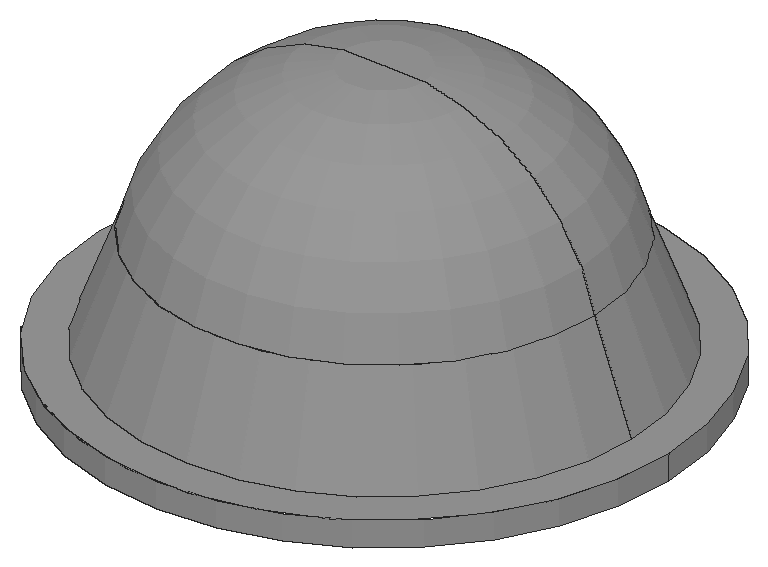
Revit family "HOLM-DOWN_LIGHT_LED_40W_O230+connect_19_3000K", category Lighting Fixtures, host Ceiling, Revit 2021
Family settings
  Host = Ceiling
  Round Connector Dimension = Use Diameter
  Part Type = Normal
  OmniClass Number = 23.80.70.11
  OmniClass Title = Luminaries for Internal Lighting
  Always vertical = Yes
  Cut with Voids When Loaded = No
  Light Source = Yes
  Shared = No
  Room Calculation Point = No
Parameters (values of type "Type 1")
  Wattage = 23.5624 W
  built-in parameter 1150110 = 1 (stored number, unit not read)
  URL = "https://www.lucera.fr/"
  Type de lampe = "LED XC-COB Bridgelux 2630"
  built-in parameter 1114217 = 1 (stored number, unit not read)
  Tilt Angle = 90.00°
  built-in parameter 1150109 = 1 (stored number, unit not read)
  built-in parameter 1150134 = (empty or 0)
  built-in parameter 1150113 = 1 (stored number, unit not read)
  SDCM = "3"
  Puissance nominale = "38W"
  Photometric Web File = "google_eulumdat_converter.ies"
  Matériau = "Aluminium"
  Manufacturer = "Lucera - Lucera (c) 06/01/2021 16:39:29 +01:00"  # constant formula
  Maintien du flux = "L80B10 (50 000 heures)"
  Lumens = 3500 lm
  built-in parameter 1150115 = 1 (stored number, unit not read)
  built-in parameter 1150105 = 4732.2 (stored number, unit not read)
  built-in parameter 1150137 = (empty or 0)
  built-in parameter 1150139 = (empty or 0)
  built-in parameter 1150112 = 1 (stored number, unit not read)
  built-in parameter 1150114 = 1 (stored number, unit not read)
  built-in parameter 1150132 = 2
  built-in parameter 1150102 = (empty or 0)
  built-in parameter 1150138 = (empty or 0)
  built-in parameter 1150107 = 3000 (stored number, unit not read)
  built-in parameter 1150106 = 47.322 (stored number, unit not read)
  IRC = ">90"
  built-in parameter 1150104 = 13.8 (stored number, unit not read)
  Durée de vie = "50 000 heures"
  Driver = "Driver Lifud TUV CE CCC"
  Dimming Lamp Color Temperature Shift = <None>
  Dimensions = "Ø 230 mm, H = 110 mm"
  Dimension découpe = "Ø 200-220 mm"
  Default Elevation = 0 mm
  Couleur = "Blanc"
  Color Filter = 16777215
  built-in parameter 1114218 = 1 (stored number, unit not read)
  built-in parameter 1150133 = 10 (stored number, unit not read)
  Angle d'éclairage = "60°"
  Alimentation luminaire = "33-40V dc / 600mA"
  Alimentation Driver = "AC 220-240V"
Reference planes
  plane 1 "Light Source Axis (F/B)": y = 0
  plane 2: z = 0
  plane 3 "Light Source Axis (L/R)": x = 0
  plane 4 "Ceiling": z = 4000
  plane 5 "Light Source Elevation": z = 3991.673
Forms (mm)
  Blend 1, solid, material "Aluminum, blanc"
    base sketch origin (0, 0, 4000) x (0, 1, 0) y (-1, 0, 0)
      loop
        circle (0, 0) r 100
    top sketch origin (0, 0, 4000) x (0, 1, 0) y (-1, 0, 0)
      loop
        circle (0, 0) r 85
    from 0 to 39.386
  Extrusion 2, solid, material "Aluminum, blanc"
    sketch origin (0, 0, 4000) x (0, 1, 0) y (-1, 0, 0)
      loop
        circle (0, 0) r 115
      loop
        circle (0, 0) r 85
    from -10 to 0
  Extrusion 3, solid, material "Glass, White, High Luminance"
    sketch origin (0, 0, 4000) x (0, 1, 0) y (-1, 0, 0)
      loop
        circle (0, 0) r 85
    from -10 to 0
  Revolve 4, solid, material "Aluminum, gris"
    sketch origin (0, 0, 0) x (1, 0, 0) y (0, 0, 1)
      loop
        line (0, 4099.93) -> (0, 4039.386) -> (85, 4039.386)
        arc (85, 4039.386) -> (53.947, 4085.729) -> (0, 4099.93) r 78.858
      axis (0, 4099.93) -> (0, 4039.386)
    angle from 0 to 360
Lines and regions (mm)
  reference lines
    curve 1: line (0, 0, 4000) -> (74, 0, 4000)
    curve 2: line (0, 0, 4000) -> (-74, 0, 4000)
    curve 3: line (0, 0, 3750) -> (0, 0, 3835)
    curve 4: line (0, 0, 3990) -> (0, 0, 4075)
    curve 5: line (0, 0, 4000) -> (100, 0, 4000)
    curve 6: line (0, 0, 4000) -> (-100, 0, 4000)
    curve 7: line (0, 0, 3990) -> (0, 0, 4095)
    curve 8: line (0, 0, 4000) -> (-115, 0, 4000)
    curve 9: line (0, 0, 4000) -> (115, 0, 4000)
    curve 10: line (0, 0, 3990) -> (0, 0, 4100)
Dimensions and locks
  equal spacing: host sketch curve, plane 3 "Light Source Axis (L/R)", host sketch curve
  equal spacing: host sketch curve, plane 1 "Light Source Axis (F/B)", host sketch curve
  host sketch curve to host sketch curve = 4000 mm  (x2)
  plane 4 "Ceiling" to host ceiling = 0 mm
  aligned and locked: plane 1 "Light Source Axis (F/B)" to imposter light
  aligned and locked: plane 5 "Light Source Elevation" to imposter light
